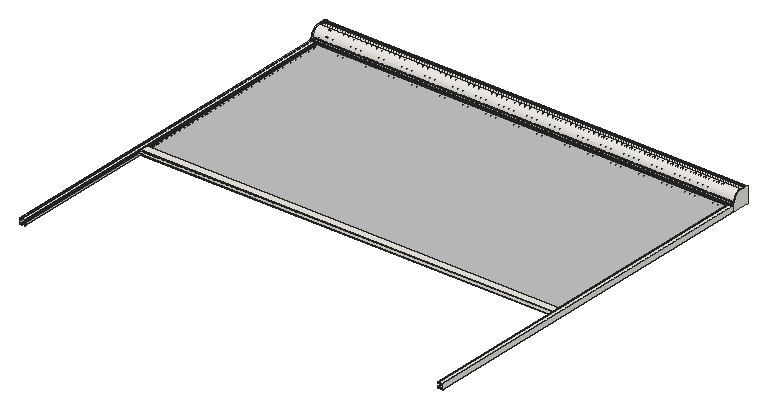
Revit family "Windows_Blinds_Nimex_SC_75", category Specialty Equipment, host Face, Revit 2018 (continued)
Definition of nested family "SC_75"
  Definition of nested family "SC_75_Top"
    Automatic sketch dimensions
      Extrusion 1 sketch curve to Extrusion 1 sketch curve = 3.24 mm
      Extrusion 1 sketch curve to Extrusion 1 sketch curve = 1.836 mm
      Extrusion 1 sketch curve to Extrusion 1 sketch curve = 0.4 mm
      Extrusion 1 sketch curve to Extrusion 1 sketch curve = 0.043 mm
      Extrusion 1 sketch curve to Extrusion 1 sketch curve = 0.853 mm
      Extrusion 1 sketch curve to Extrusion 1 sketch curve = 0.851 mm
      plane 1 "Center (Front/Back)" to Extrusion 5 sketch curve = 16.23 mm
      Extrusion 5 sketch curve to Extrusion 5 sketch curve = 3 mm  (x2)
      plane 1 "Center (Front/Back)" to Extrusion 5 sketch curve = 13.23 mm
      Extrusion 5 sketch curve to plane 9 = 38.001 mm
      Extrusion 5 sketch curve to Extrusion 5 sketch curve = 16 mm
      Extrusion 5 sketch curve to Extrusion 5 sketch curve = 3.774 mm  (x2)
      Extrusion 5 sketch curve to Extrusion 5 sketch curve = 0.15 mm
      Extrusion 5 sketch curve to Extrusion 5 sketch curve = 0 mm  (x8)
      Extrusion 5 sketch curve to Extrusion 5 sketch curve = 0.938 mm  (x2)
      Extrusion 5 sketch curve to Extrusion 5 sketch curve = 1.65 mm  (x2)
      Extrusion 5 sketch curve to Extrusion 5 sketch curve = 0.836 mm  (x2)
      Extrusion 5 sketch curve to Extrusion 5 sketch curve = 0.423 mm
      Extrusion 4 sketch curve to Extrusion 4 sketch curve = 0 mm  (x2)
      plane 1 "Center (Front/Back)" to Extrusion 4 sketch curve = 13.23 mm
      level to Extrusion 4 sketch curve = 1 mm
      Extrusion 4 sketch curve to plane 1 "Center (Front/Back)" = 10.566 mm
      Extrusion 4 sketch curve to plane 6 = 9.833 mm
      Extrusion 4 sketch curve to plane 9 = 39.432 mm
      Extrusion 4 sketch curve to Extrusion 4 sketch curve = 1.431 mm
      Extrusion 4 sketch curve to Extrusion 4 sketch curve = 1.001 mm
      Extrusion 4 sketch curve to Extrusion 4 sketch curve = 1.731 mm
      curve 114 to plane 10 = 0 mm
      curve 9 to plane 9 = 0 mm
      curve 79 to level = 0 mm
      curve 86 to level = 0 mm
      curve 116 to plane 6 = 0 mm
      curve 2 to plane 6 = 0 mm
      curve 7 to plane 10 = 0 mm
      plane 10 to curve 43 = 1.198 mm
      plane 10 to curve 47 = 1.605 mm
      curve 43 to curve 46 = 0.605 mm
      curve 46 to curve 31 = 0.007 mm
      curve 46 to curve 25 = 0.197 mm
      plane 10 to curve 30 = 2 mm
      curve 31 to curve 44 = 0.19 mm
      curve 29 to curve 45 = 0.582 mm
      plane 10 to curve 9 = 4.5 mm
      curve 8 to curve 21 = 0.2 mm
      curve 21 to curve 24 = 0.751 mm
      curve 24 to curve 24 = 0.541 mm
      curve 25 to curve 26 = 4.762 mm
      curve 23 to curve 22 = 1.895 mm
      curve 19 to plane 9 = 1.6 mm
      curve 22 to curve 19 = 0.394 mm
      plane 1 "Center (Front/Back)" to curve 66 = 17.88 mm
      curve 66 to curve 69 = 1.65 mm
      curve 69 to curve 65 = 3 mm
      curve 115 to curve 49 = 0 mm
      level to curve 113 = 6.498 mm
      curve 113 to curve 42 = 0.053 mm
      curve 41 to curve 6 = 0.43 mm
      curve 65 to curve 70 = 3 mm
      curve 5 to curve 4 = 2.73 mm
      curve 4 to curve 113 = 1.233 mm
      curve 70 to curve 67 = 1.65 mm
      curve 112 to curve 111 = 4.279 mm
      curve 111 to curve 110 = 0.14 mm
      level to curve 10 = 0 mm
      plane 1 "Center (Front/Back)" to curve 10 = 4.334 mm
      curve 3 to curve 107 = 0.001 mm
      level to curve 108 = 0.225 mm
      curve 3 to curve 108 = 0.799 mm
      plane 1 "Center (Front/Back)" to curve 104 = 2.535 mm
      plane 1 "Center (Front/Back)" to curve 109 = 1.737 mm
      plane 1 "Center (Front/Back)" to curve 105 = 0.935 mm
      curve 77 to plane 1 "Center (Front/Back)" = 1.065 mm
      curve 75 to curve 74 = 1 mm
      curve 76 to curve 96 = 1.7 mm
      curve 95 to curve 94 = 1 mm
      curve 97 to curve 98 = 1 mm
      curve 98 to curve 99 = 0.937 mm
      curve 98 to curve 103 = 1.707 mm
      curve 82 to level = 2.127 mm
      curve 78 to curve 82 = 4.5 mm
      curve 79 to curve 82 = 0 mm
      curve 103 to curve 101 = 1.328 mm
      curve 81 to curve 83 = 2.5 mm
      curve 101 to curve 102 = 1.328 mm
      curve 85 to level = 1 mm
      curve 101 to curve 89 = 2.327 mm
      curve 117 to plane 6 = 10.12 mm
      curve 89 to curve 89 = 1.707 mm
      curve 19 to plane 6 = 7.74 mm
      curve 90 to curve 90 = 0.937 mm
      curve 94 to plane 6 = 7.7 mm
      curve 86 to curve 36 = 3.153 mm
      curve 18 to curve 16 = 0.394 mm
      curve 93 to curve 91 = 1 mm
      curve 88 to level = 1 mm
      curve 73 to curve 72 = 1 mm
      curve 16 to curve 15 = 2.646 mm
      curve 36 to curve 39 = 2.646 mm
      curve 35 to curve 37 = 0 mm
      curve 38 to curve 38 = 0.103 mm
      curve 14 to curve 14 = 0.103 mm
      curve 18 to curve 9 = 3.24 mm
      curve 40 to plane 6 = 2.1 mm
      curve 12 to plane 6 = 2.1 mm
      curve 34 to plane 6 = 2.1 mm
      curve 106 to curve 78 = 5.501 mm
      curve 100 to curve 81 = 4.873 mm
      curve 99 to curve 83 = 5.665 mm
      curve 89 to curve 83 = 5.665 mm
      curve 101 to curve 99 = 3.235 mm
      curve 103 to curve 101 = 1.358 mm
      curve 92 to curve 89 = 16.042 mm
      curve 96 to curve 91 = 0 mm
      curve 72 to curve 91 = 1.7 mm
      curve 77 to curve 96 = 1.7 mm
      curve 92 to curve 71 = 2.3 mm
      curve 75 to curve 95 = 1.7 mm
      level to curve 2 = 0 mm
      level to curve 33 = 0.8 mm
      curve 32 to curve 33 = 0.814 mm
      curve 10 to curve 105 = 4.514 mm
      level to curve 36 = 4.596 mm
      curve 36 to curve 35 = 0.058 mm
      curve 109 to curve 107 = 0.14 mm
      curve 107 to curve 110 = 0 mm
      curve 110 to curve 3 = 0.001 mm
      curve 35 to curve 37 = 0.047 mm
      curve 4 to curve 113 = 1.698 mm
      curve 3 to curve 112 = 0.724 mm
      curve 4 to curve 5 = 1 mm
      curve 3 to curve 111 = 2.598 mm
      curve 37 to curve 38 = 2.646 mm
      curve 38 to curve 11 = 0.394 mm
      curve 111 to curve 42 = 0.802 mm
      curve 117 to curve 6 = 4.234 mm
      curve 60 to curve 114 = 0.235 mm
      curve 49 to curve 115 = 0 mm
      curve 41 to curve 68 = 15.761 mm
      curve 65 to curve 67 = 2.937 mm
      curve 65 to curve 66 = 2.937 mm
      curve 67 to curve 70 = 0.836 mm
      curve 66 to curve 69 = 0.836 mm
      curve 47 to curve 7 = 12.243 mm
      curve 46 to curve 27 = 2.217 mm
      curve 46 to curve 43 = 2.654 mm
      curve 43 to curve 28 = 1.388 mm
      curve 25 to curve 46 = 0.053 mm
      curve 46 to curve 44 = 0.5 mm
      curve 44 to curve 31 = 0.048 mm
      curve 31 to curve 30 = 1.8 mm
      curve 30 to curve 45 = 0.769 mm
      curve 45 to curve 29 = 0.598 mm
      curve 46 to curve 24 = 0.499 mm
      curve 11 to curve 1 = 3.24 mm
      curve 12 to curve 14 = 0.394 mm
      curve 24 to curve 8 = 1.836 mm
      curve 23 to curve 8 = 0.2 mm
      curve 17 to curve 1 = 0.2 mm
      curve 23 to curve 22 = 0.103 mm
      curve 15 to curve 16 = 0.103 mm
      curve 18 to curve 18 = 0.5 mm
      curve 27 to curve 26 = 0.4 mm
      curve 64 to curve 66 = 0.119 mm
      curve 63 to curve 69 = 0.15 mm
      curve 69 to curve 63 = 0 mm
      curve 69 to curve 68 = 0.938 mm
      curve 70 to curve 70 = 0.938 mm
      curve 107 to curve 112 = 0 mm
      curve 110 to curve 111 = 0 mm
      curve 118 to level = 4.043 mm
      curve 118 to curve 83 = 3.421 mm
      curve 117 to level = 4.042 mm
      curve 118 to curve 117 = 1.003 mm
      curve 118 to curve 117 = 1.422 mm
      curve 35 to curve 36 = 0.853 mm
      curve 36 to curve 35 = 0 mm
      curve 16 to curve 16 = 0.851 mm
      curve 17 to curve 16 = 0 mm
      level to curve 48 = 0 mm
      curve 116 to curve 10 = 0 mm
      curve 118 to curve 117 = 5.43 mm
      curve 49 to curve 114 = 0.032 mm
      radius of curve 49 = 34 mm  (x2)
      radius of curve 51 = 27 mm  (x2)
      radius of curve 52 = 26.5 mm  (x2)
      radius of curve 53 = 26 mm  (x2)
      radius of curve 54 = 25.5 mm  (x2)
      radius of curve 55 = 25 mm  (x2)
      radius of curve 56 = 24.5 mm  (x2)
      radius of curve 57 = 24 mm  (x2)
      radius of curve 58 = 23.5 mm  (x2)
      radius of curve 59 = 23 mm  (x2)
      radius of curve 60 = 22.5 mm  (x2)
      radius of curve 61 = 22 mm  (x2)
      radius of curve 62 = 21.5 mm  (x2)
      radius of Extrusion 4 sketch curve = 21.5 mm
      radius of curve 115 = 4 mm
  Definition of nested family "SC_75_Screen"
    Parameters (values of type "SC_75_Screen")
      TotalWidth [instance] = 500 mm
      TotalHeight [instance] = 500 mm
      SideOffset [instance] = 14 mm
      ScreenHeightControl [instance] = 198 mm
      Screen [instance] = none
    Reference planes
      plane 1 "Center (Front/Back)": y = 0
      plane 2: z = 0
      plane 3 "Center (Left/Right)": x = 0
      plane 4: x = -236
      plane 5: x = -250
      plane 6: x = 236
      plane 7: x = 250
      plane 8: z = 418
      plane 9: z = 419
      plane 10: z = 500
      plane 11: z = 220
    Forms (mm)
      Extrusion 1, solid, material <- "Screen"
        sketch origin (0, 0, 0) x (0, 1, 0) y (0, 0, 1)
          loop
            line (-0.5, 220) -> (0.5, 220) -> (0.5, 419) -> (-0.5, 419) -> (-0.5, 220)
        from -236 to 236
    Dimensions and locks
      "SideOffset": plane 4 to plane 5
      "SideOffset": plane 6 to plane 7
      equal spacing: plane 7, plane 3 "Center (Left/Right)", plane 5
      "TotalWidth": plane 7 to plane 5
      locked: plane 9 to plane 8 at 1
      "TotalHeight": plane 10 to plane 2
      "ScreenHeightControl": plane 8 to plane 11
      locked: plane 10 to plane 8 at 82
      aligned and locked: level to plane 2
      aligned and locked: Extrusion 1 to plane 4
      aligned and locked: plane 6 to Extrusion 1
      aligned and locked: plane 9 to Extrusion 1
      aligned and locked: Extrusion 1 to plane 11
    Automatic sketch dimensions
      level to Extrusion 1 sketch curve = 220 mm
      plane 1 "Center (Front/Back)" to Extrusion 1 sketch curve = 0.5 mm
      Extrusion 1 sketch curve to plane 8 = 1 mm
      Extrusion 1 sketch curve to plane 1 "Center (Front/Back)" = 0.5 mm
  Definition of nested family "SC_75_Screen-Frame"
    Parameters (values of type "SC_75_Screen-Frame")
      TotalWidth [instance] = 300 mm
      SideOffset [instance] = 25 mm
      Metal [instance] = none
    Reference planes
      plane 1 "Center (Front/Back)": y = 0
      plane 2: z = 0
      plane 3 "Center (Left/Right)": x = 0
      plane 4: x = -125
      plane 5: x = -150
      plane 6: x = 125
      plane 7: x = 150
      plane 8: z = 40
    Forms (mm)
      Extrusion 1, solid, material <- "Metal"
        sketch origin (0, 0, 0) x (0, 1, 0) y (0, 0, 1)
          loop
            arc (9, 39) -> (8.707, 39.707) -> (8, 40) r 1
            line (8, 40) -> (-8, 40)
            arc (-8, 40) -> (-8.707, 39.707) -> (-9, 39) r 1
            line (-9, 39) -> (-9, 5) -> (-9, 1)
            arc (-9, 1) -> (-8.707, 0.293) -> (-8, 0) r 1
            line (-8, 0) -> (8, 0)
            arc (8, 0) -> (8.707, 0.293) -> (9, 1) r 1
            line (9, 1) -> (9, 5) -> (9, 39)
        from -125 to 125
    Dimensions and locks
      "SideOffset": plane 4 to plane 5
      "SideOffset": plane 6 to plane 7
      equal spacing: plane 7, plane 3 "Center (Left/Right)", plane 5
      "TotalWidth": plane 7 to plane 5
      locked: plane 8 to plane 2 at 40
      aligned and locked: level to plane 2
      aligned and locked: Extrusion 1 to plane 4
      aligned and locked: Extrusion 1 to plane 6
    Automatic sketch dimensions
      Extrusion 1 sketch curve to level = 0 mm
      plane 1 "Center (Front/Back)" to Extrusion 1 sketch curve = 9 mm
      Extrusion 1 sketch curve to Extrusion 1 sketch curve = 1 mm  (x2)
      Extrusion 1 sketch curve to plane 1 "Center (Front/Back)" = 8 mm  (x2)
      level to Extrusion 1 sketch curve = 1 mm
      Extrusion 1 sketch curve to Extrusion 1 sketch curve = 4 mm  (x2)
      Extrusion 1 sketch curve to plane 8 = 1 mm
